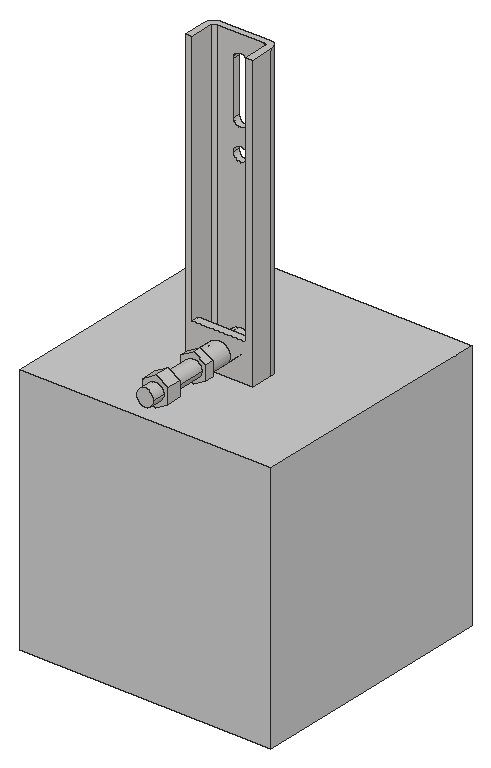
Revit family "REC-MF45T", category Structural Connections, host Face, Revit 2024
Family settings
  Host = Face
  Material for Model Behavior = Steel
  Enable Cutting in Views = Yes
  Cut with Voids When Loaded = Yes
  Shared = No
Parameters (values of type "MF45T")
  Visible = yes
  URL_Product_(Producto) = ""
  URL_DataSheet_(FichaTecnica) = ""
  URL_CE_Marking_(MarcadoCE) = ""
  Type IFC Predefined Type = "Brackets"
  Type Comments = ""
  URL = "https://recense.com/"
  Model = "MF45T"
  Manufacturer = "RECENSE"
  Keynote_ESP = "Sistema de sustentación de paneles prefabricados de hormigón sobre forjados horizontales."
  Keynote = "System for supporting prefabricated concrete panels on horizontal slabs."
  IFCExportType = Classification.Uniclass.Pr.Description  # "Brackets"
  IFCExportAs = "IfcElementAssembly"
  Fecha de Creacion: = "01/03/2024"
  Fecha Ultima Revision: = "01/03/2024"
  Export Type to IFC As = "IfcElementAssembly"
  Description_ESP = "Ménsula de forjado 4.5 T."
  Description = "Slab corbel 4.5 T."
  Default Elevation = 0.0 mm
  Creado por: = "Deliprogal SL"
  Cost = 0
  Classification.Uniclass.Ss.Number = ""
  Classification.Uniclass.Ss.Description = ""
  Classification.Uniclass.Pr.Number = "Pr_20_85_09"
  Classification.Uniclass.Pr.Description = "Brackets"
  Classification.Uniclass.EF.Number = ""
  Classification.Uniclass.EF.Description = ""
  Classification.Space.Number = ""
  Classification.Space.Description = ""
  Classification.Facility.Number = ""
  Classification.Facility.Description = ""
  Assembly Code = ""
Reference planes
  plane 1 "Center (Front/Back)": y = 0
  plane 2: z = 0
  plane 3 "Center (Left/Right)": x = 0
Forms (mm)
  Extrusion 1, solid, material "REC_Base"
    sketch origin (0, -719.2, 0) x (1, 0, 0) y (0, 1, 0)
      loop
        line (-150, 869.2) -> (-150, 569.2) -> (150, 569.2) -> (150, 869.2) -> (-150, 869.2)
    from 0 to -300
  Extrusion 2, solid, material "REC-Steel, S 275"
    sketch origin (-0.131, 0, 0) x (0, -1, 0) y (1, 0, 0)
      loop
        line (40, -40) -> (40, -32) -> (12, -32)
        arc (12, -32) -> (9.172, -30.828) -> (8, -28) r 4
        line (8, -28) -> (8, 28)
        arc (8, 28) -> (9.172, 30.828) -> (12, 32) r 4
        line (12, 32) -> (40, 32) -> (40, 40) -> (12, 40)
        arc (12, 40) -> (3.515, 36.485) -> (0, 28) r 12
        line (0, 28) -> (0, -28)
        arc (0, -28) -> (3.515, -36.485) -> (12, -40) r 12
        line (12, -40) -> (40, -40)
    from 0 to 350
  Extrusion 3, solid, material "REC-Steel, S 275"
    sketch origin (-122.88, 15.34, 380) x (-1, 0, 0) y (0, 0, -1)
      loop
        line (-137.749, 365.66) -> (-137.749, 348.34) -> (-122.749, 339.679) -> (-107.749, 348.34) -> (-107.749, 365.66) -> (-122.749, 374.321) -> (-137.749, 365.66)
      loop
        circle (-122.749, 357) r 10
    from 132.34 to 150.34
  Extrusion 4, solid, material "REC-Steel, S 275"
    sketch origin (-122.88, 93.34, 380) x (-1, 0, 0) y (0, 0, -1)
      loop
        line (-137.749, 365.66) -> (-137.749, 348.34) -> (-122.749, 339.679) -> (-107.749, 348.34) -> (-107.749, 365.66) -> (-122.749, 374.321) -> (-137.749, 365.66)
      loop
        circle (-122.749, 357) r 10
    from 161.34 to 171.34
  Extrusion 5, solid, material "REC-Steel, S 275"
    sketch origin (-122.88, 44.34, 380) x (-1, 0, 0) y (0, 0, -1)
      loop
        circle (-122.749, 357) r 10
    from 194.34 to 122.34
  Extrusion 6, solid, material "REC-Steel, S 275"
    sketch origin (-122.88, 44.34, 380) x (-1, 0, 0) y (0, 0, -1)
      loop
        circle (-122.749, 357) r 13
      loop
        circle (-122.749, 357) r 10
    from 44.34 to 112.34
  Extrusion 7, void
    sketch origin (-56.006, 10.185, 1461.786) x (1, 0, 0) y (0, 0, 1)
      loop
        circle (55.875, -1438.786) r 13
      loop
        circle (56.006, -1240.3) r 8.5
      loop
        line (48.006, -1139.8) -> (48.006, -1203.8)
        arc (48.006, -1203.8) -> (56.006, -1211.8) -> (64.006, -1203.8) r 8
        line (64.006, -1203.8) -> (64.006, -1139.8)
        arc (64.006, -1139.8) -> (56.006, -1131.8) -> (48.006, -1139.8) r 8
    from 10.185 to 18.185
  Extrusion 8, solid, material "REC-Steel, S 275"
    sketch origin (-0.131, 20, 0) x (-1, 0, 0) y (0, 0, -1)
      loop
        line (-32, -46) -> (32, -46) -> (32, 0) -> (-32, 0) -> (-32, -46)
      loop
        circle (0, -23) r 13
    from 52 to 60
Cuts and joins
  Extrusion 7 cuts Extrusion 2
  joined: Extrusion 2, Extrusion 8
  joined: Extrusion 4, Extrusion 6
  joined: Extrusion 3, Extrusion 5
Dimensions and locks
  Extrusion 2 to Extrusion 2 = 350.0 mm
  cut or joined group of Extrusion 2, Extrusion 7, Extrusion 8 to cut or joined group of Extrusion 2, Extrusion 7, Extrusion 8 = 80.0 mm
  Extrusion 1 to cut or joined group of Extrusion 2, Extrusion 7, Extrusion 8 = 350.0 mm
  cut or joined group of Extrusion 2, Extrusion 7, Extrusion 8 to Extrusion 5 = 150.0 mm
  cut or joined group of Extrusion 2, Extrusion 7, Extrusion 8 to Extrusion 4 = 68.0 mm
  plane 1 "Center (Front/Back)" to cut or joined group of Extrusion 2, Extrusion 7, Extrusion 8 = 40.0 mm
  locked: Extrusion 7 sketch curve to Extrusion 7 sketch curve at 16
  aligned and locked: plane 2 to Extrusion 1
  aligned and locked: level to Extrusion 1
